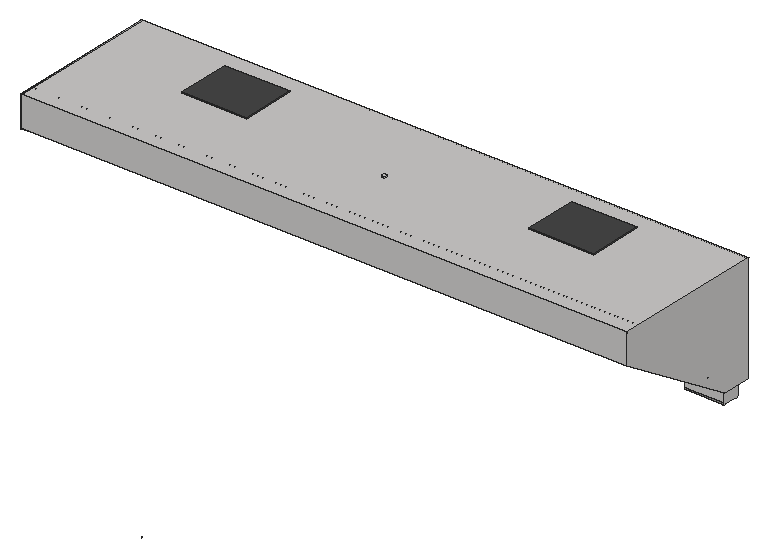
Revit family "QF_ELECTROLUXPROFESSIONAL_644203_AMPV728DT", category Specialty Equipment, Revit 2014
Reference planes
  plane 1: z = 0
  plane 2 "Center (Left/Right)": x = 150
  plane 3 "LEFT": x = -1250
  plane 4 "RIGHT": x = 1550
  plane 5 "BACK": y = 550
  plane 6 "Plane": z = 2000
  plane 7 "TOP": z = 2140
  plane 8 "Base": z = 1640
  plane 9: z = 1566
  plane 10 "DrainY": y = 485
  plane 11: x = -1247
  plane 12: through (0, 414.509, 1640.8) normal (0, 0.7314, 0.682)
  plane 13: y = 470
  plane 14: y = 220
  plane 15 "DrainX": x = 1430
  plane 16: x = -500
  plane 17: x = 800
  plane 18: x = -800
  plane 19: x = 1100
  plane 20: x = 1547
  plane 21: x = 1340
  plane 22: x = 1520
  plane 23: x = -1210
  plane 24: x = -845
  plane 25: x = -450
  plane 26: x = 1510
  plane 27: x = 1145
  plane 28: x = 750
  plane 29 "Center (Front/Back)": y = 200
  plane 30 "Front": y = -150
Forms (mm)
  Extrusion 1, solid, material "QF_Finishes_Stainless Steel"
    sketch origin (-1250, 0, 0) x (0, 1, 0) y (0, 0, 1)
      loop
        line (550, 1640) -> (550, 2140) -> (-150, 2140) -> (-150, 1998.603) -> (413.973, 1640) -> (550, 1640)
    from 0 to 3
  Extrusion 2, solid, material "QF_Finishes_Stainless Steel"
    sketch origin (150, 0, 0) x (0, 1, 0) y (0, 0, 1)
      loop
        line (415.255, 1640) -> (550, 1640) -> (550, 2139.19) -> (549.2, 2139.19) -> (549.2, 1640.8) -> (415.876, 1640.8) -> (339.347, 1722.867) -> (349.609, 1732.436) -> (348.927, 1733.167) -> (337.934, 1722.917) -> (415.255, 1640)
      loop
        line (-82.203, 2139.19) -> (-82.203, 2118.6) -> (-31.047, 2118.6) -> (34.354, 2048.466) -> (46.028, 2059.352) -> (45.346, 2060.083) -> (34.403, 2049.879) -> (-30.612, 2119.6) -> (-81.203, 2119.6) -> (-81.203, 2139.19) -> (-82.203, 2139.19)
    from -1397 to 1397
  Extrusion 3, solid, material "QF_Finishes_Stainless Steel"
    sketch origin (1550, 0, 0) x (0, 1, 0) y (0, 0, 1)
      loop
        line (550, 1640) -> (550, 2140) -> (-150, 2140) -> (-150, 1998.603) -> (413.973, 1640) -> (550, 1640)
    from 0 to -3
  Extrusion 4, solid, material "QF_Finishes_Stainless Steel"
    sketch origin (150, 0, 0) x (0, 1, 0) y (0, 0, 1)
      loop
        line (-150, 2140) -> (-150, 2000) -> (-149.2, 2000) -> (-149.2, 2139.19) -> (550, 2139.19) -> (550, 2140) -> (-150, 2140)
    from -1400 to 1400
  Extrusion 5, solid, material "QF_Finishes_Stainless Steel"
    sketch origin (150, 0, 0) x (0, 1, 0) y (0, 0, 1)
      loop
        line (534, 1640) -> (436, 1640) -> (436, 1627) -> (443.5, 1627) -> (443.5, 1576)
        arc (443.5, 1576) -> (446.429, 1568.929) -> (453.5, 1566) r 10
        line (453.5, 1566) -> (516.5, 1566)
        arc (516.5, 1566) -> (523.571, 1568.929) -> (526.5, 1576) r 10
        line (526.5, 1576) -> (526.5, 1627) -> (534, 1627) -> (534, 1640)
    from 1190 to 1370
  Extrusion 6, solid, material "QF_Finishes_Stainless Steel"
    sketch origin (0, 0, 1640) x (0, 1, 0) y (-1, 0, 0)
      loop
        circle (485, -1430) r 20
    from -76 to -74
  Extrusion 7, solid, material "QF_Finished_Chrome"
    sketch origin (150, 0, 0) x (0, 1, 0) y (0, 0, 1)
      loop
        line (337.934, 1722.917) -> (341.591, 1726.327) -> (38.011, 2051.876) -> (34.354, 2048.466) -> (337.934, 1722.917)
    from -995 to -1360
  Extrusion 8, solid, material "QF_Finished_Chrome"
    sketch origin (150, 0, 0) x (0, 1, 0) y (0, 0, 1)
      loop
        line (337.934, 1722.917) -> (341.591, 1726.327) -> (38.011, 2051.876) -> (34.354, 2048.466) -> (337.934, 1722.917)
    from 600 to -600
  Extrusion 9, solid, material "QF_Finishes_Stainless Steel"
    sketch origin (150, 0, 0) x (0, 1, 0) y (0, 0, 1)
      loop
        line (337.934, 1722.917) -> (341.591, 1726.327) -> (38.011, 2051.876) -> (34.354, 2048.466) -> (337.934, 1722.917)
    from 1397 to 1360
  Extrusion 10, solid, material "QF_Finishes_Stainless Steel"
    sketch origin (150, 0, 0) x (0, 1, 0) y (0, 0, 1)
      loop
        line (341.588, 1726.324) -> (38.009, 2051.874) -> (34.354, 2048.466) -> (337.934, 1722.917) -> (341.588, 1726.324)
    from -995 to -600
  Extrusion 11, solid, material "QF_Finished_Chrome"
    sketch origin (150, 0, 0) x (0, 1, 0) y (0, 0, 1)
      loop
        line (341.588, 1726.324) -> (38.009, 2051.874) -> (34.354, 2048.466) -> (337.934, 1722.917) -> (341.588, 1726.324)
    from 995 to 1360
  Extrusion 12, solid, material "QF_Finishes_Black"
    sketch origin (0, 0, 2140) x (0, 1, 0) y (-1, 0, 0)
      loop
        line (470, 800) -> (220, 800) -> (220, 500) -> (470, 500) -> (470, 800)
    from 5 to 0
  Extrusion 13, solid, material "QF_Finishes_Black"
    sketch origin (940, 0, 2140) x (0, 1, 0) y (-1, 0, 0)
      loop
        line (470, 140) -> (220, 140) -> (220, -160) -> (470, -160) -> (470, 140)
    from 5 to 0
  Extrusion 14, solid, material "QF_Finishes_Stainless Steel"
    sketch origin (0, 0, 0) x (1, 0, 0) y (0, 1, 0)
      loop
        line (-1250, 550) -> (-1250, 549) -> (-1249, 549) -> (-1249, 550) -> (-1250, 550)
    from 0 to 1
  Extrusion 15, solid, material "QF_Finishes_Stainless Steel"
    sketch origin (150, 0, 0) x (0, 1, 0) y (0, 0, 1)
      loop
        line (337.934, 1722.917) -> (341.591, 1726.327) -> (38.011, 2051.876) -> (34.354, 2048.466) -> (337.934, 1722.917)
    from -1360 to -1397
  Extrusion 16, solid, material "QF_Finishes_Stainless Steel"
    sketch origin (150, 0, 0) x (0, 1, 0) y (0, 0, -1)
      loop
        line (341.588, -1726.324) -> (337.934, -1722.917) -> (34.354, -2048.466) -> (38.009, -2051.874) -> (341.588, -1726.324)
    from -995 to -600
  Extrusion 17, solid, material "QF_Finishes_Stainless Steel"
    sketch origin (0, 0, 2140) x (0, 1, 0) y (-1, 0, 0)
      loop
        circle (200, -150) r 10
    from 0 to 2
Cuts and joins
  joined: Extrusion 2, Extrusion 4
Lines and regions (mm)
  reference lines
    curve 1: line (150, 34.354, 2048.466) -> (150, 34.354, 1888.466)
  symbolic lines, style "SpecialityEquipment", detail levels coarse
    curve 2: line (1550, 550, 2140) -> (-1250, 550, 2140)
    curve 3: line (-1250, 550, 2140) -> (-1250, -150, 2140)
    curve 4: line (1550, -150, 2140) -> (1550, 550, 2140)
    curve 5: line (-1250, -150, 2140) -> (1550, -150, 2140)
    curve 6: line (-800, 220, 2140) -> (-500, 220, 2140)
    curve 7: line (-800, 470, 2140) -> (-800, 220, 2140)
    curve 8: line (-500, 470, 2140) -> (-800, 470, 2140)
    curve 9: line (-500, 220, 2140) -> (-500, 470, 2140)
    curve 10: line (800, 470, 2140) -> (800, 220, 2140)
    curve 11: line (800, 220, 2140) -> (1100, 220, 2140)
    curve 12: line (1100, 470, 2140) -> (800, 470, 2140)
    curve 13: line (1100, 220, 2140) -> (1100, 470, 2140)
    curve 14: line (-1250, -150, 2140) -> (1550, 550, 2140)
    curve 15: line (-1250, 550, 2140) -> (1550, -150, 2140)
Dimensions and locks
  plane 3 "LEFT" to plane 4 "RIGHT" = 2800 mm
  equal spacing: plane 3 "LEFT", plane 2 "Center (Left/Right)", plane 4 "RIGHT"
  locked: plane 6 "Plane" to level at 2000
  plane 7 "TOP" to plane 6 "Plane" = 140 mm
  locked: plane 7 "TOP" to plane 8 "Base" at 500
  plane 8 "Base" to plane 9 = 74 mm
  plane 5 "BACK" to plane 10 "DrainY" = 65 mm  (x2)
  plane 3 "LEFT" to plane 11 = 3 mm
  plane 5 "BACK" to plane 13 = 80 mm
  plane 13 to plane 14 = 250 mm  (x2)
  plane 15 "DrainX" to plane 4 "RIGHT" = 120 mm
  locked: plane 16 to plane 17 at 1300
  equal spacing: plane 16, plane 2 "Center (Left/Right)", plane 17
  locked: plane 18 to plane 16 at 300
  locked: plane 17 to plane 19 at 300
  plane 20 to plane 4 "RIGHT" = 3 mm
  locked: plane 21 to plane 15 "DrainX" at 90
  locked: plane 15 "DrainX" to plane 22 at 90
  plane 13 to plane 5 "BACK" = 80 mm
  locked: plane 3 "LEFT" to plane 23 at 40
  locked: plane 23 to plane 24 at 365
  locked: plane 24 to plane 25 at 395
  locked: plane 26 to plane 27 at 365
  locked: plane 27 to plane 28 at 395
  locked: plane 26 to plane 4 "RIGHT" at 40
  plane 25 to plane 28 = 1200 mm
  locked: plane 5 "BACK" to plane 30 "Front" at 700
  equal spacing: plane 5 "BACK", plane 29 "Center (Front/Back)", plane 30 "Front"
  plane 5 "BACK" to plane 30 "Front" = 700 mm
  aligned and locked: level to plane 1
  aligned and locked: Extrusion 2 to Extrusion 1
  aligned and locked: Extrusion 2 to Extrusion 3
  aligned and locked: plane 4 "RIGHT" to Extrusion 4
  aligned and locked: Extrusion 4 to plane 3 "LEFT"
  aligned and locked: plane 20 to Extrusion 9
  aligned and locked: plane 18 to Extrusion 12
  aligned and locked: Extrusion 12 to plane 16
  aligned and locked: Extrusion 12 to plane 14
  aligned and locked: Extrusion 12 to plane 13
  aligned and locked: Extrusion 13 to plane 19
  aligned and locked: plane 17 to Extrusion 13
  aligned and locked: Extrusion 2 to Extrusion 4
  aligned and locked: plane 22 to Extrusion 5
  aligned and locked: Extrusion 5 to plane 21
  aligned and locked: Extrusion 9 to plane 26
  aligned and locked: Extrusion 11 to plane 26
  aligned and locked: Extrusion 11 to plane 27
  aligned and locked: Extrusion 8 to plane 28
  aligned and locked: Extrusion 8 to plane 25
  aligned and locked: plane 25 to Extrusion 10
  aligned and locked: Extrusion 10 to plane 24
  aligned and locked: plane 24 to Extrusion 7
  aligned and locked: Extrusion 7 to plane 23
  aligned and locked: Extrusion 15 to plane 11
  aligned and locked: plane 23 to Extrusion 15
  aligned and locked: Extrusion 16 to plane 28
  aligned and locked: Extrusion 16 to plane 27
  aligned and locked: Extrusion 3 to plane 20
Automatic sketch dimensions
  Extrusion 2 sketch curve to plane 12 = 0 mm  (x3)
  Extrusion 2 sketch curve to plane 8 "Base" = 0 mm
  plane 12 to Extrusion 2 sketch curve = 0 mm
  Extrusion 2 sketch curve to plane 5 "BACK" = 0 mm
  Extrusion 2 sketch curve to Extrusion 2 sketch curve = 65.646 mm
  Extrusion 2 sketch curve to Extrusion 2 sketch curve = 0.682 mm  (x2)
  Extrusion 2 sketch curve to Extrusion 2 sketch curve = 10.261 mm
  plane 8 "Base" to Extrusion 2 sketch curve = 82.917 mm
  Extrusion 2 sketch curve to Extrusion 2 sketch curve = 10.942 mm
  Extrusion 2 sketch curve to Extrusion 2 sketch curve = 0.049 mm
  Extrusion 2 sketch curve to plane 7 "TOP" = 20.4 mm
  Extrusion 2 sketch curve to plane 7 "TOP" = 21.4 mm
  Extrusion 2 sketch curve to plane 7 "TOP" = 0.81 mm  (x2)
  Extrusion 2 sketch curve to Extrusion 2 sketch curve = 50.156 mm
  Extrusion 2 sketch curve to Extrusion 2 sketch curve = 1 mm
  plane 8 "Base" to Extrusion 2 sketch curve = 0.8 mm
  Extrusion 2 sketch curve to plane 5 "BACK" = 0.8 mm
  Extrusion 3 sketch curve to plane 8 "Base" = 0 mm
  Extrusion 3 sketch curve to plane 5 "BACK" = 0 mm
  Extrusion 3 sketch curve to plane 7 "TOP" = 0 mm
  plane 13 to Extrusion 3 sketch curve = 56.027 mm
  Extrusion 3 sketch curve to plane 6 "Plane" = 1.397 mm
  Extrusion 4 sketch curve to plane 6 "Plane" = 0 mm
  Extrusion 4 sketch curve to plane 5 "BACK" = 0 mm
  Extrusion 4 sketch curve to plane 7 "TOP" = 0 mm
  Extrusion 4 sketch curve to plane 7 "TOP" = 0.81 mm
  curve 1 to plane 12 = 0 mm
  curve 1 to plane 6 "Plane" = 111.534 mm
  Extrusion 5 sketch curve to plane 8 "Base" = 0 mm
  Extrusion 5 sketch curve to plane 9 = 0 mm
  Extrusion 5 sketch curve to plane 8 "Base" = 13 mm  (x2)
  plane 13 to Extrusion 5 sketch curve = 34 mm
  Extrusion 5 sketch curve to Extrusion 5 sketch curve = 7.5 mm  (x2)
  Extrusion 5 sketch curve to Extrusion 5 sketch curve = 10 mm
  plane 10 "DrainY" to Extrusion 5 sketch curve = 31.5 mm
  Extrusion 5 sketch curve to plane 5 "BACK" = 23.5 mm
  Extrusion 6 sketch curve to plane 10 "DrainY" = 0 mm
  Extrusion 6 sketch curve to plane 15 "DrainX" = 0 mm
  Extrusion 7 sketch curve to plane 12 = 0 mm  (x2)
  Extrusion 7 sketch curve to Extrusion 7 sketch curve = 3.657 mm
  plane 8 "Base" to Extrusion 7 sketch curve = 82.917 mm
  Extrusion 8 sketch curve to plane 12 = 0 mm  (x2)
  Extrusion 8 sketch curve to Extrusion 8 sketch curve = 3.657 mm
  plane 8 "Base" to Extrusion 8 sketch curve = 82.917 mm
  Extrusion 9 sketch curve to plane 12 = 0 mm  (x2)
  Extrusion 9 sketch curve to Extrusion 9 sketch curve = 3.657 mm
  plane 8 "Base" to Extrusion 9 sketch curve = 82.917 mm
  Extrusion 10 sketch curve to plane 12 = 0 mm  (x2)
  Extrusion 10 sketch curve to Extrusion 10 sketch curve = 3.655 mm
  plane 8 "Base" to Extrusion 10 sketch curve = 82.917 mm
  Extrusion 11 sketch curve to plane 12 = 0 mm  (x2)
  Extrusion 11 sketch curve to Extrusion 11 sketch curve = 3.655 mm
  plane 8 "Base" to Extrusion 11 sketch curve = 82.917 mm
  Extrusion 12 sketch curve to plane 14 = 0 mm
  plane 13 to Extrusion 12 sketch curve = 0 mm
  Extrusion 12 sketch curve to plane 16 = 0 mm
  Extrusion 12 sketch curve to plane 18 = 0 mm
  Extrusion 13 sketch curve to plane 14 = 0 mm
  plane 13 to Extrusion 13 sketch curve = 0 mm
  Extrusion 13 sketch curve to plane 19 = 0 mm
  Extrusion 13 sketch curve to plane 17 = 0 mm
  Extrusion 14 sketch curve to plane 3 "LEFT" = 0 mm
  Extrusion 14 sketch curve to plane 5 "BACK" = 0 mm
  plane 3 "LEFT" to Extrusion 14 sketch curve = 1 mm
  Extrusion 14 sketch curve to plane 5 "BACK" = 1 mm
  Extrusion 15 sketch curve to plane 12 = 0 mm  (x2)
  Extrusion 15 sketch curve to Extrusion 15 sketch curve = 3.657 mm
  plane 8 "Base" to Extrusion 15 sketch curve = 82.917 mm
  Extrusion 16 sketch curve to plane 12 = 0 mm  (x2)
  Extrusion 16 sketch curve to Extrusion 16 sketch curve = 3.655 mm
  plane 8 "Base" to Extrusion 16 sketch curve = 82.917 mm
  plane 6 "Plane" to Extrusion 2 sketch curve = 48.466 mm
  curve 1 to plane 14 = 185.646 mm
  plane 6 "Plane" to Extrusion 7 sketch curve = 51.876 mm
  plane 6 "Plane" to Extrusion 8 sketch curve = 51.876 mm
  plane 6 "Plane" to Extrusion 9 sketch curve = 51.876 mm
  plane 6 "Plane" to Extrusion 10 sketch curve = 51.874 mm
  plane 6 "Plane" to Extrusion 11 sketch curve = 51.874 mm
  plane 6 "Plane" to Extrusion 15 sketch curve = 51.876 mm
  plane 6 "Plane" to Extrusion 16 sketch curve = 51.874 mm
  Extrusion 3 sketch curve to plane 14 = 370 mm
  Extrusion 4 sketch curve to plane 14 = 369.2 mm
  Extrusion 4 sketch curve to Extrusion 4 sketch curve = 0.8 mm
  Extrusion 1 sketch curve to plane 7 "TOP" = 0 mm
  Extrusion 1 sketch curve to plane 8 "Base" = 0 mm
  Extrusion 1 sketch curve to plane 5 "BACK" = 0 mm
  Extrusion 1 sketch curve to plane 30 "Front" = 0 mm
  plane 13 to Extrusion 1 sketch curve = 56.027 mm
  Extrusion 1 sketch curve to plane 6 "Plane" = 1.397 mm
  Extrusion 17 sketch curve to plane 2 "Center (Left/Right)" = 0 mm
  Extrusion 17 sketch curve to plane 29 "Center (Front/Back)" = 0 mm
  curve 14 to plane 30 "Front" = 0 mm
  curve 15 to plane 4 "RIGHT" = 0 mm
  curve 11 to plane 14 = 0 mm
  curve 6 to plane 14 = 0 mm
  plane 13 to curve 8 = 0 mm
  plane 13 to curve 10 = 0 mm
  curve 15 to plane 3 "LEFT" = 0 mm
  curve 15 to plane 5 "BACK" = 0 mm
  curve 13 to plane 19 = 0 mm
  curve 10 to plane 17 = 0 mm
  curve 9 to plane 16 = 0 mm
  curve 8 to plane 18 = 0 mm
  radius of Extrusion 6 sketch curve = 20 mm
  radius of Extrusion 17 sketch curve = 10 mm
Connectors
  piping at (1430, 485, 1564), diameter 20
    settings: on Extrusion 6, index 1, connector inside diameter 609.6 mm, connector length 0 mm, flow factor 0, pipe flow 0.0 L/s, pressure drop 0.0 Pa, fitting loss kfactor 0, connector angle 0.00°, fixture units 0, engagement length 0 mm, angle of deflection 0.00°, flow configuration 1, flow direction 2, fitting loss method 0, system type 16, joint type 0, gender type 0, connector reference index -1, connector utility 0, adjustable connector no, is connector primary yes, connector description "Drain"
  hvac at (-650, 345, 2145)
    settings: on Extrusion 12, index 2, duct flow 0.0 L/s, flow factor 0, pres drop 0.0 Pa, loss coef 0, conn angle 0.00°, conn width 250 mm, conn height 300 mm, conn diameter 609.6 mm, duct sys type 3, conn prof type 1, flow config 1, flow direction 0, loss method 0, conn ref index -1, conn util no, is conn primary yes, conn desc "EXHAUST OUTLET"
  hvac at (950, 345, 2145)
    settings: on Extrusion 13, index 3, duct flow 0.0 L/s, flow factor 0, pres drop 0.0 Pa, loss coef 0, conn angle 0.00°, conn width 250 mm, conn height 300 mm, conn diameter 609.6 mm, duct sys type 3, conn prof type 1, flow config 1, flow direction 0, loss method 0, conn ref index -1, conn util no, is conn primary no, conn desc "EXHAUST OUTLET"
  electrical at (150, 200, 2142)
    settings: on Extrusion 17, index 4, voltage 0 V, apparent load 0 VA, apparent load phase1 0 VA, apparent load phase2 0 VA, apparent load phase3 0 VA, power factor 1, load classification "Other", number of poles 1, system type 30, power factor state 1, is connector primary yes, connector utility no, sub classification motor no, connector description "Electrical Connection"
